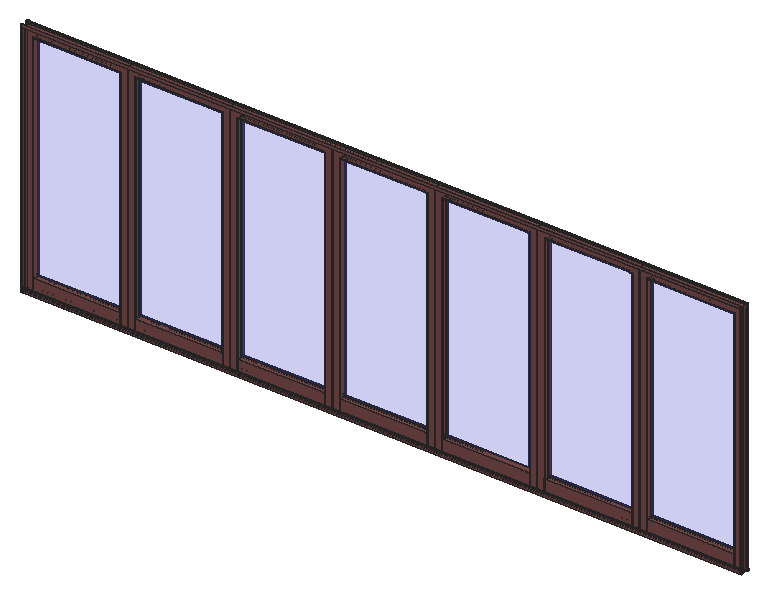
Revit family "SFD 3P, 5P, 7P, 10P", category Doors, host Wall, Revit 2016
Family settings
  Host = Wall
  OmniClass Number = 23.30.10.00
  OmniClass Title = Doors
  Always vertical = Yes
  Cut with Voids When Loaded = No
  Shared = No
  Room Calculation Point = No
Parameters (values of type "SFD7P type- 6321")
  URL = "www.robmeg.co.za"
  Plaster width = 5 mm
  Panel width = 892.2 mm
  Panel thickness = 44 mm
  Panel height = 2045 mm
  Number of doors = Door area width / Distance between doors  # 7
  Model = "SFD7P 6321"
  Manufacturer = "Robmeg"  # constant formula
  Function = Interior
  Height = 2100 mm
  Wall Closure = By host
  Width = 6300 mm
  Frame width = 27.388 mm
  Frame = Aluminium
  Door area width = Width - (Frame width * 2)  # 6245.224 mm
  Distance between doors = Panel width  # 892.2 mm
  Description = "7 panel aluminium olding door"
  Author = "Inside"
Types (35, lengths in mm): name | URL | Panel width | Number of doors | Model | Width | Door area width | Distance between doors | Description
  (no name) | "www.robmeg.co.za" | 892.2 | 7 | "SFD7P 6321" | 6300 | 6245.224 | 892.2 | "7 panel aluminium olding door"
  SFD3P type- 1821 | "www.robmeg.co.za" | 581.7 | 3 | "SFD3P 1821" | 1800 | 1745.224 | 581.7 | "3 panel aluminium folding door"
  SFD3P type- 2121 | "www.robmeg.co.za" | 681.7 | 3 | "SFD3P 2121" | 2100 | 2045.224 | 681.7 | "3 panel aluminium folding door"
  SFD3P type-2421 | "www.robmeg.co.za" | 781.7 | 3 | "SFD3P 2421" | 2400 | 2345.224 | 781.7 | "3 panel aluminium folding door"
  SFD3P type- 2721 | "www.robmeg.co.za" | 881.7 | 3 | "SFD3P 2721" | 2700 | 2645.224 | 881.7 | "3 panel aluminium folding door"
  SFD5P type - 3021 | "www.robmeg.co.za" | 589 | 5 | "SFD5P 3021" | 3000 | 2945.224 | 589 | "5 panel aluminium folding door"
  SFD5P type- 3321 | "www.robmeg.co.za" | 649 | 5 | "SFD5P 3321" | 3300 | 3245.224 | 649 | "5 panel aluminium folding door"
  SFD5P type- 3621 | "www.robmeg.co.za" | 709 | 5 | "SFD5P 3621" | 3600 | 3545.224 | 709 | "5 panel aluminium folding door"
  SFD5P type- 3921 | "www.robmeg.co.za" | 769 | 5 | "SFD5P 3921" | 3900 | 3845.224 | 769 | "5 panel aluminium folding door"
  SFD5P type- 4221 | "www.robmeg.co.za" | 829 | 5 | "SFD5P 4221" | 4200 | 4145.224 | 829 | "5 panel aluminium folding door"
  SFD5P type- 4521 | "www.robmeg.co.za" | 889 | 5 | "SFD5P 4521" | 4500 | 4445.224 | 889 | "5 panel aluminium folding door"
  SFD5P type- 5821 | "www.robmeg.co.za" | 949 | 5 | "SFD5P 5821" | 4800 | 4745.224 | 949 | "5 panel aluminium folding door"
  SFD6P type- 3621 | "www.robmeg.co.za" | 590.9 | 6 | "SFD6P 3621" | 3600 | 3545.224 | 590.9 | "6 panel aluminium folding door"
  SFD6P type- 3921 | "www.robmeg.co.za" | 640.9 | 6 | "SFD6P 3921" | 3900 | 3845.224 | 640.9 | "6 panel aluminium folding door"
  SFD6P type- 4221 | "www.robmeg.co.za" | 690.9 | 6 | "SFD6P 4221" | 4200 | 4145.224 | 690.9 | "6 panel aluminium folding door"
  SFD6P type- 4521 | "www.robmeg.co.za" | 740.9 | 6 | "SFD6P 4521" | 4500 | 4445.224 | 740.9 | "6 panel aluminium folding door"
  SFD6P type- 4821 | "www.robmeg.co.za" | 790.9 | 6 | "SFD6P 4821" | 4800 | 4745.224 | 790.9 | "6 panel aluminium folding door"
  SFD6P type- 5121 | "www.robmeg.co.za" | 840.9 | 6 | "SFD6P 5121" | 5100 | 5045.224 | 840.9 | "6 panel aluminium folding door"
  SFD6P type- 5421 | "www.robmeg.co.za" | 890.9 | 6 | "SFD6P 5421" | 5400 | 5345.224 | 890.9 | "6 panel aluminium folding door"
  SFD7P type- 3621 | "www.robmeg.co.za" | 506.5 | 7 | "SFD7P 3621" | 3600 | 3545.224 | 506.5 | "7 panel aluminium folding door"
  SFD7P type- 3921 | "www.robmeg.co.za" | 549.3 | 7 | "SFD7P 3921" | 3900 | 3845.224 | 549.3 | "7 panel aluminium folding door"
  SFD7P type- 4221 | "www.robmeg.co.za" | 592.2 | 7 | "SFD7P 4221" | 4200 | 4145.224 | 592.2 | "7 panel aluminium folding door"
  SFD7P type- 4521 | "www.robmeg.co.za" | 635 | 7 | "SFD7P 4521" | 4500 | 4445.224 | 635 | "7 panel aluminium folding door"
  SFD7P type- 4821 | "www.robmeg.co.za" | 677.9 | 7 | "SFD7P 4821" | 4800 | 4745.224 | 677.9 | "7 panel aluminium olding door"
  SFD7P type- 5121 | "www.robmeg.co.za" | 720.7 | 7 | "SFD7P 5121" | 5100 | 5045.224 | 720.7 | "7 panel aluminium olding door"
  SFD7P type- 5421 | "www.robmg.co.za" | 763.6 | 7 | "SFD7P 5421" | 5400 | 5345.224 | 763.6 | "7 panel aluminium olding door"
  SFD7P type- 5721 | "www.robmeg.co.za" | 806.5 | 7 | "SFD7P 5721" | 5700 | 5645.224 | 806.5 | "7 panel aluminium olding door"
  SFD7P type- 6021 | "www.robmeg.co.za" | 849.3 | 7 | "SFD7P 6021" | 6000 | 5945.224 | 849.3 | "7 panel aluminium olding door"
  SFD7P type- 6321 | "www.robmeg.co.za" | 892.2 | 7 | "SFD7P 6321" | 6300 | 6245.224 | 892.2 | "7 panel aluminium olding door"
  SFD10P type- 6021 | "www.robmeg.co.za" | 594.5 | 10 | "SFD10P 6021" | 6000 | 5945.224 | 594.5 | "10 panel folding aluminium door"
  SFD10P type- 6321 | "www.robmeg.co.za" | 624.5 | 10 | "SFD10P 6321" | 6300 | 6245.224 | 624.5 | "10 panel folding aluminium door"
  SFD10P type- 6600 | "www.robmeg.co.za" | 654.5 | 10 | "SFD10P 6600" | 6600 | 6545.224 | 654.5 | "10 panel aluminium folding door"
  SFD10P type- 6921 | "www.robmeg.co.za" | 684.5 | 10 | "SFD10P 6921" | 6900 | 6845.224 | 684.5 | "10 panel aluminium folding door"
  SFD10P type- 7221 | "www.robmeg.co.za" | 714.5 | 10 | "SFD10P 7221" | 7200 | 7145.224 | 714.5 | "10 panel aluminium folding door"
  SFD10P type- 7521 | "www.robmeg.co.za" | 744.5 | 10 | "SFD10P 7521" | 7500 | 7445.224 | 744.5 | "10 panel aluminium folding door"
Reference planes
  plane 1 "Center (Front/Back)": y = 0
  plane 2 "Center (Left/Right)": x = 0
  plane 3 "Left": x = -3150
  plane 4 "Right": x = 3150
  plane 5 "Top": z = 2100
  plane 6 "Exterior": y = 76.2
  plane 7 "Interior": y = -76.2
  plane 8: x = -3145
  plane 9: x = 3145
  plane 10: z = 5
  plane 11: z = 2095
  plane 12: y = 34.943
  plane 13: y = -35.057
Forms (mm)
  Sweep 1, solid, material "Aluminium" <- "Frame"
    path origin (0, 0, 0) x (1, 0, 0) y (0, 0, 1)
      loop
        line (3145, 5) -> (3145, 2095) -> (-3145, 2095) -> (-3145, 5)
    profile "30391 : 30391" origin (-3145, 0, 1050) x (1, 0, 0) y (0, -1, 0)
      loop
        line (19.988, 35.057) -> (-0.012, 35.057) -> (-0.012, 33.457) -> (1.988, 33.457) -> (1.988, 30.057) -> (-0.012, 30.057) -> (-0.012, 28.457) -> (3.588, 28.457) -> (3.588, 33.457) -> (18.388, 33.457) -> (18.388, 25.705) -> (18.388, -25.677) -> (18.388, -33.343) -> (3.588, -33.343) -> (3.588, -28.343) -> (-0.012, -28.343) -> (-0.012, -29.943) -> (1.988, -29.943) -> (1.988, -33.343) -> (-0.012, -33.343) -> (-0.012, -34.943) -> (19.988, -34.943) -> (19.988, 11.87) -> (22.388, 11.87) -> (22.388, 9.97) -> (24.738, 9.97) -> (24.738, 10.97) -> (23.538, 10.97) -> (23.538, 12.22) -> (31.238, 12.22) -> (31.238, 10.97) -> (30.038, 10.97) -> (30.038, 9.97) -> (32.388, 9.97) -> (32.388, 13.47) -> (19.988, 13.47) -> (19.988, 35.057)
  Sweep 2, solid, material "Aluminium" <- "Frame"
    path origin (0, 0, 0) x (1, 0, 0) y (0, 0, 1)
      loop
        line (-3145, 5) -> (3145, 5)
    profile "30389 : 30389" origin (0, 0, 5) x (0, 0, 1) y (0, -1, 0)
      loop
        line (2.005, -33) -> (0.005, -33) -> (0.005, -35) -> (11.005, -35) -> (18.311, 14.975)
        arc (18.311, 14.975) -> (23.243, 19.749) -> (28.294, 15.099) r 5
        line (28.294, 15.099) -> (22.406, 15.099) -> (22.406, 11.249) -> (24.756, 11.249)
        arc (24.756, 11.249) -> (25.256, 11.749) -> (24.756, 12.249) r 0.5
        line (24.756, 12.249) -> (23.556, 12.249) -> (23.556, 13.499) -> (28.756, 13.499) -> (28.756, 12.249) -> (27.556, 12.249)
        arc (27.556, 12.249) -> (27.056, 11.749) -> (27.556, 11.249) r 0.5
        line (27.556, 11.249) -> (29.906, 11.249) -> (29.906, 14.749) -> (29.906, 35) -> (0.005, 35) -> (0.005, 33.4) -> (2.005, 33.4) -> (2.005, 30) -> (0.005, 30) -> (0.005, 28.4) -> (3.605, 28.4) -> (3.605, 33.4) -> (28.306, 33.4) -> (28.306, 19.057)
        arc (28.306, 19.057) -> (26.056, 20.749) -> (23.306, 21.349) r 6.6
        line (23.306, 21.349) -> (13.108, 21.349)
        arc (13.108, 21.349) -> (12.073, 25.877) -> (7.435, 25.616) r 3.6
        arc (7.435, 25.616) -> (7.403, 24.485) -> (8.534, 24.453) r 0.8
        arc (8.534, 24.453) -> (11.909, 23) -> (8.534, 21.547) r 2
        arc (8.534, 21.547) -> (7.403, 21.515) -> (7.435, 20.385) r 0.8
        arc (7.435, 20.385) -> (9.346, 19.444) -> (11.454, 19.749) r 3.6
        line (11.454, 19.749) -> (17.392, 19.749) -> (11.533, -20.327)
        arc (11.533, -20.327) -> (9.079, -19.4) -> (6.647, -20.384) r 3.6
        arc (6.647, -20.384) -> (6.616, -21.515) -> (7.747, -21.547) r 0.8
        arc (7.747, -21.547) -> (11.121, -23) -> (7.747, -24.453) r 2
        arc (7.747, -24.453) -> (6.616, -24.485) -> (6.647, -25.615) r 0.8
        arc (6.647, -25.615) -> (8.559, -26.556) -> (10.667, -26.251) r 3.6
        line (10.667, -26.251) -> (9.622, -33.4) -> (3.605, -33.4) -> (3.605, -28.4) -> (0.005, -28.4) -> (0.005, -30) -> (2.005, -30) -> (2.005, -33)
Lines and regions (mm)
  Opening 1
    outline origin (-2286, -76.2, 0) x (1, 0, 0) y (0, 0, 1)
      loop
        line (-864, 0) -> (5436, 0) -> (5436, 2100) -> (-864, 2100) -> (-864, 0)
Text (mm)
  text "Exterior" at (-1904.17, 693.701, 0), in view "Ref. Level"
  text "Interior" at (-1904.17, -638.649, 0), in view "Ref. Level"
  text "Exterior" at (0, 1019.848, 3124.603), in view "Right"
  text "Interior" at (0, -1635.541, 3124.603), in view "Right"
  text "Interior" at (0, -787.806, 3124.376), in view "Left"
  text "Exterior" at (0, 1386.095, 3124.376), in view "Left"
Dimensions and locks
  equal spacing: plane 3 "Left", plane 2 "Center (Left/Right)", plane 4 "Right"
  "Plaster width": plane 8 to plane 3 "Left"
  "Plaster width": plane 4 "Right" to plane 9
  "Plaster width": plane 11 to plane 5 "Top"
  "Plaster width": level to plane 10
  Sweep 1 to plane 5 "Top" = 27.388 mm
  "Height": level to plane 5 "Top"
  "Width": plane 3 "Left" to plane 4 "Right"
  "Distance between doors": Sweep 1 to nested 1
  equal spacing: group 1, group 2, group 3, group 4, group 5, group 6, group 7  (x3)
  "Distance between doors": nested 1 to nested 2
  "Door area width": Sweep 1 to Sweep 1
  "Frame width": Sweep 1 to plane 4 "Right"
  "Frame width": plane 3 "Left" to Sweep 1
  aligned and locked: plane 3 "Left" to Opening 1 sketch curve
  aligned and locked: plane 5 "Top" to Opening 1 sketch curve
  aligned and locked: Opening 1 sketch curve to plane 5 "Top"
  aligned and locked: Opening 1 sketch curve to plane 4 "Right"
  aligned and locked: Opening 1 sketch curve to level
  aligned and locked: plane 6 "Exterior" to host wall
  aligned and locked: host wall to plane 7 "Interior"
  aligned and locked: Sweep 1 sketch curve to plane 11
  aligned and locked: Sweep 1 sketch curve to plane 8
  aligned and locked: Sweep 1 sketch curve to plane 9
  aligned and locked: plane 10 to Sweep 1 sketch curve
  aligned and locked: Sweep 1 sketch curve to plane 10
  aligned and locked: Sweep 2 sketch curve to plane 10
  aligned and locked: plane 9 to Sweep 2 sketch curve
  aligned and locked: plane 8 to Sweep 2 sketch curve
  aligned and locked: plane 13 to Sweep 1
  aligned and locked: Sweep 1 to plane 12
  aligned and locked: nested 1 to Sweep 1
Nested families
  nested 1: "Door panel" at (-2676.512, 12.538, 27.612), type "Door panel"
    with door width 892.2 mm, door height 2045 mm
  nested 2: "Door panel" at (-1784.312, 12.538, 27.612), type "Door panel"
    with door width 892.2 mm, door height 2045 mm
  nested 3: "Door panel" at (-892.112, 12.538, 27.612), type "Door panel"
    with door width 892.2 mm, door height 2045 mm
  nested 4: "Door panel" at (0.088, 12.538, 27.612), type "Door panel"
    with door width 892.2 mm, door height 2045 mm
  nested 5: "Door panel" at (892.288, 12.538, 27.612), type "Door panel"
    with door width 892.2 mm, door height 2045 mm
  nested 6: "Door panel" at (1784.488, 12.538, 27.612), type "Door panel"
    with door width 892.2 mm, door height 2045 mm
  nested 7: "Door panel" at (2676.688, 12.538, 27.612), type "Door panel"
    with door width 892.2 mm, door height 2045 mm
Definition of nested family "Door panel"
  Parameters (values of type "Door panel")
    Glazing = none
    door thickness = 44 mm
    door width = 688.567 mm
    door height = 2125.502 mm
    Aluminium = none
  Reference planes
    plane 1 "Center (Front/Back)": y = 0
    plane 2: z = 0
    plane 3 "Center (Left/Right)": x = 0
    plane 4: x = -344.283
    plane 5: x = 344.283
    plane 6: z = 2125.502
    plane 7: y = -22
    plane 8: y = 22
  Forms (mm)
    Sweep 1, solid
      path origin (0, 0, 0) x (1, 0, 0) y (0, 0, 1)
        loop
          line (344.283, 0) -> (344.283, 2125.502) -> (-344.283, 2125.502) -> (-344.283, 0)
      profile "H10157 : H10157" origin (344.283, 0, 1062.751) x (-1, 0, 0) y (0, -1, 0)
        loop
          line (1.65, 20.35) -> (1.65, -20.35) -> (63.405, -20.35) -> (63.405, -17) -> (60.85, -17) -> (60.85, 20.35) -> (1.65, 20.35)
        loop
          line (0, 20.7) -> (0, -20.7)
          arc (0, -20.7) -> (0.381, -21.619) -> (1.3, -22) r 1.3
          line (1.3, -22) -> (65, -22) -> (65, -17) -> (85.472, -17) -> (85.472, -14.5)
          arc (85.472, -14.5) -> (84.872, -13.9) -> (84.272, -14.5) r 0.6
          line (84.272, -14.5) -> (84.272, -15.6) -> (81.896, -15.6) -> (81.296, -15) -> (65, -15) -> (65, -13)
          arc (65, -13) -> (64.5, -12.5) -> (64, -13) r 0.5
          line (64, -13) -> (64, -14.8) -> (62.5, -14.8) -> (62.5, -1.124) -> (62.5, 20.216) -> (65, 18.773) -> (65, 22) -> (1.3, 22)
          arc (1.3, 22) -> (0.381, 21.619) -> (0, 20.7) r 1.3
    Sweep 2, solid, material <- "Aluminium"
      path origin (0, 0, 0) x (1, 0, 0) y (0, 0, 1)
        loop
          line (344.283, 0) -> (344.283, 2125.502) -> (-344.283, 2125.502) -> (-344.283, 0)
      profile "Glazing gasket : Glazing gasket" origin (344.283, 0, 1062.751) x (-1, 0, 0) y (0, -1, 0)
        loop
          line (62.674, 2.315) -> (62.674, -14.335) -> (63.798, -14.335) -> (63.798, 0.908) -> (76.578, 0.908) -> (75.826, 4.578) -> (80.719, 4.578) -> (79.967, 0.908) -> (81.403, 0.908) -> (81.948, 3.567) -> (84.619, 0.908) -> (86.31, 0.908) -> (65.335, 21.882) -> (65.335, 18.035) -> (62.674, 19.572) -> (62.674, 17.947) -> (66.742, 15.599) -> (66.742, 18.712) -> (79.521, 5.985) -> (74.101, 5.985) -> (74.854, 2.315) -> (62.674, 2.315)
    Sweep 3, solid, material <- "Aluminium"
      path origin (0, 0, 0) x (1, 0, 0) y (0, 0, 1)
        loop
          line (-281.61, 0) -> (278.948, 0)
      profile "H10158 : H10158" origin (-1.331, 0, 0) x (0, 0, 1) y (0, -1, 0)
        loop
          line (36.963, 20.35) -> (36.963, -20.35) -> (98.717, -20.35) -> (98.717, -17) -> (96.163, -17) -> (96.163, 20.35) -> (36.963, 20.35)
        loop
          line (35.313, 20.35) -> (35.312, -20.35) -> (0.118, -20.35) -> (0.118, -22) -> (33.421, -22) -> (100.313, -22) -> (100.313, -17) -> (120.784, -17) -> (120.784, -14.5)
          arc (120.784, -14.5) -> (120.184, -13.9) -> (119.584, -14.5) r 0.6
          line (119.584, -14.5) -> (119.584, -15.6) -> (117.209, -15.6) -> (116.609, -15) -> (100.313, -15) -> (100.313, -13)
          arc (100.313, -13) -> (99.813, -12.5) -> (99.313, -13) r 0.5
          line (99.313, -13) -> (99.313, -14.8) -> (97.813, -14.8) -> (97.813, -1.124) -> (97.813, 20.216) -> (100.313, 18.773) -> (100.313, 22) -> (33.441, 22) -> (0.118, 22) -> (0.118, 20.35) -> (35.313, 20.35)
    Sweep 4, solid, material <- "Aluminium"
      path origin (0, 0, 0) x (1, 0, 0) y (0, 0, 1)
        loop
          line (-281.61, 0) -> (278.948, 0)
      profile "Glazing gasket : Glazing gasket" origin (-1.331, 0, 0) x (0, 0, 1) y (0, -1, 0)
        loop
          line (97.988, 2.367) -> (97.988, -14.283) -> (99.112, -14.283) -> (99.112, 0.96) -> (111.893, 0.96) -> (111.14, 4.63) -> (116.034, 4.63) -> (115.281, 0.96) -> (116.718, 0.96) -> (117.263, 3.619) -> (119.933, 0.96) -> (121.624, 0.96) -> (100.65, 21.934) -> (100.65, 18.088) -> (97.988, 19.624) -> (97.988, 18) -> (102.057, 15.651) -> (102.057, 18.764) -> (114.836, 6.037) -> (109.416, 6.037) -> (110.168, 2.367) -> (97.988, 2.367)
    Extrusion 5, solid, material <- "Glazing"
      sketch origin (0, 0, 0) x (1, 0, 0) y (0, 0, 1)
        loop
          line (-277.541, 2058.76) -> (-277.541, 102.057) -> (277.541, 102.057) -> (277.541, 2058.76) -> (-277.541, 2058.76)
      from -4 to -8
  Dimensions and locks
    "door width": plane 4 to plane 5
    "door height": plane 6 to level
    equal spacing: plane 4, plane 3 "Center (Left/Right)", plane 5
    "door thickness": plane 8 to plane 7
    equal spacing: plane 4, plane 3 "Center (Left/Right)", plane 5, locked at 344.283 each
    aligned and locked: plane 2 to level
    aligned and locked: Sweep 1 sketch curve to plane 5
    aligned and locked: Sweep 1 sketch curve to plane 6
    aligned and locked: Sweep 1 sketch curve to plane 4
    aligned and locked: level to Sweep 1 sketch curve  (x2)
    aligned and locked: Sweep 2 sketch curve to plane 5
    aligned and locked: Sweep 2 sketch curve to plane 6
    aligned and locked: Sweep 2 sketch curve to plane 4
    aligned and locked: level to Sweep 2 sketch curve  (x2)
    aligned and locked: Sweep 3 sketch curve to level
    aligned and locked: Sweep 4 sketch curve to level
    aligned and locked: Sweep 3 sketch curve to Sweep 2
    aligned and locked: Sweep 2 to Sweep 3 sketch curve
    aligned and locked: Sweep 4 sketch curve to Sweep 3  (x2)
    aligned and locked: Extrusion 5 to Sweep 4
    aligned and locked: Sweep 2 to Extrusion 5  (x2)
    aligned and locked: Extrusion 5 to Sweep 2
    aligned and locked: plane 7 to Sweep 1
    aligned and locked: plane 8 to Sweep 1
  Automatic sketch dimensions
    Extrusion 5 sketch curve to plane 4 = 66.742 mm
    plane 5 to Extrusion 5 sketch curve = 66.742 mm
    level to Extrusion 5 sketch curve = 102.057 mm
    Extrusion 5 sketch curve to plane 6 = 66.742 mm
